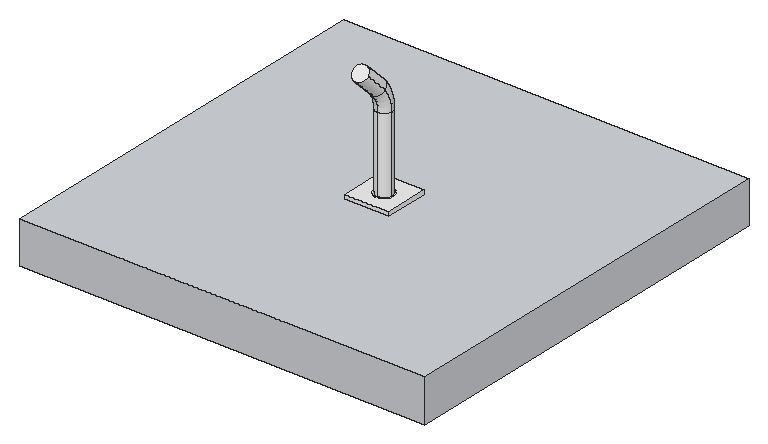
Revit family
Parameters (values of type "Chrome-Polished_Chrome-CP")
  WFU = 0
  URL = "http://www.us.kohler.com/index.jsp"
  Product Page URL = "n/a"
  Product Documentation Link = "n/a"
  Model = "K-14679"  # constant formula
  Manufacturer = "Kohler"  # constant formula
  Hot Water Radius = 3/16"
  Hot Water Diameter = Hot Water Radius * 2  # 3/8"
  Hot Water Connector = "Hot Water Connection"  # constant formula
  HWFU = 0
  HW Connection = yes
  Finish = Chrome-Kohler-CP-Polished_Chrome
  Description = "Loure™ showerarm and flange"  # constant formula
  Default Elevation = 0' - 0"
  Created By = "http://medialab3dstudio.com/"
  Cold Water Radius = 3/16"
  Cold Water Diameter = Cold Water Radius * 2  # 3/8"
  Cold Water Connector = "Cold Water Connection"  # constant formula
  CWFU = 0
  CW Connection = yes
  Assembly Code = "D2010700"
Types (4): name | Finish
  (no name) | Chrome-Kohler-CP-Polished_Chrome
  Chrome-Polished_Chrome-CP | Chrome-Kohler-CP-Polished_Chrome
  Nickel-Vibrant_Brushed_Nickel-BN | Nickel-Kohler-BN-Vibrant_Brushed_Nickel
  Nickel-Vibrant_Polished_Nickel-SN | Nickel-Kohler-SN-Vibrant_Polished_Nickel
Reference planes (in)
  plane 1 "Center (Front/Back)": y = 0
  plane 2 "Back": z = 0
  plane 3 "Center (Left/Right)": x = 0
  plane 4 "Left": x = -1.3125
  plane 5 "Right": x = 1.3125
  plane 6 "Top": y = 1.3125
  plane 7: y = -1.3125
  plane 8: z = 0.25
  plane 9: y = -0.5
  plane 10: z = 6.125
  plane 11: y = -1.75
  plane 12: z = 7.375
  plane 13: x = 0.24139
  plane 14: x = -0.24139
  plane 15: z = 0.10099
  plane 16 "Bottom": y = -2.08116
  plane 17: x = 0.46833
  plane 18: x = -0.46833
  plane 19 "Front": z = 7.70616
  plane 20: x = -0.46833
  plane 21: x = 0.46833
Forms (in)
  Extrusion 1, solid
    sketch origin (0, 0, 0) x (1, 0, 0) y (0, 1, 0)
      loop
        line (-12, 12) -> (-12, -12.22208) -> (12.20691, -12.22208) -> (12.20691, 12) -> (-12, 12)
    from 0 to -2.55881
  Extrusion 2, solid, material "Chrome-Kohler-CP-Polished_Chrome" <- "Finish"
    sketch origin (0, 0, 0) x (1, 0, 0) y (0, 1, 0)
      loop
        line (-1.3125, 1.3125) -> (-1.3125, -1.3125) -> (1.3125, -1.3125) -> (1.3125, 1.3125) -> (-1.3125, 1.3125)
    from 0 to 0.25
  Extrusion 3, void
    sketch origin (0, 0, 0) x (1, 0, 0) y (0, 1, 0)
      loop
        arc (-0.5, 0) -> (-0.35355, -0.35355) -> (0, -0.5) r 0.5
        arc (0, -0.5) -> (0.35355, -0.35355) -> (0.5, 0) r 0.5
        arc (0.5, 0) -> (0.35355, 0.35355) -> (0, 0.5) r 0.5
        arc (0, 0.5) -> (-0.35355, 0.35355) -> (-0.5, 0) r 0.5
    from 0 to 0.25
  Sweep 4, void
    path origin (0, 0, 0) x (1, 0, 0) y (0, 1, 0)
      loop
        circle (0, 0) r 0.5
    profile origin (0, 0.5, 0) x (0, -1, 0) y (0, 0, 1)
      loop
        line (0, 0.25) -> (-0.0625, 0.25)
        arc (-0.0625, 0.25) -> (-0.01831, 0.23169) -> (0, 0.1875) r 0.0625
        line (0, 0.1875) -> (0, 0.25)
  Sweep 5, solid, material "Chrome-Kohler-CP-Polished_Chrome" <- "Finish"
    path origin (0, 0, 0) x (0, 1, 0) y (0, 0, 1)
      loop
        line (0, 0) -> (0, 4.75)
        arc (0, 4.75) -> (-0.12888, 5.48154) -> (-0.5, 6.125) r 2.14063
        line (-0.5, 6.125) -> (-1.75, 7.375)
    profile origin (0, 0, 2.375) x (0, -1, 0) y (1, 0, 0)
      loop
        arc (0, -0.46833) -> (0.33116, -0.33116) -> (0.46833, 0) r 0.46833
        arc (0.46833, 0) -> (0.33116, 0.33116) -> (0, 0.46833) r 0.46833
        arc (0, 0.46833) -> (-0.33116, 0.33116) -> (-0.46833, 0) r 0.46833
        arc (-0.46833, 0) -> (-0.33116, -0.33116) -> (0, -0.46833) r 0.46833
  Extrusion 6, void
    sketch origin (0, 0, 0) x (1, 0, 0) y (0, 1, 0)
      loop
        arc (0.05389, 0) -> (0.10881, -0.13258) -> (0.24139, -0.1875) r 0.1875
        arc (0.24139, -0.1875) -> (0.37397, -0.13258) -> (0.42889, 0) r 0.1875
        arc (0.42889, 0) -> (0.37397, 0.13258) -> (0.24139, 0.1875) r 0.1875
        arc (0.24139, 0.1875) -> (0.10881, 0.13258) -> (0.05389, 0) r 0.1875
      loop
        arc (-0.24139, 0.1875) -> (-0.37397, 0.13258) -> (-0.42889, 0) r 0.1875
        arc (-0.42889, 0) -> (-0.37397, -0.13258) -> (-0.24139, -0.1875) r 0.1875
        arc (-0.24139, -0.1875) -> (-0.10881, -0.13258) -> (-0.05389, 0) r 0.1875
        arc (-0.05389, 0) -> (-0.10881, 0.13258) -> (-0.24139, 0.1875) r 0.1875
    from 0 to 0.10099
Cuts and joins
  Extrusion 3, Sweep 4 cuts Extrusion 2
  Extrusion 6 cuts Sweep 5
Lines and regions (in)
  Masking region 1, detail levels coarse
    outline origin (0, 0, 0) x (1, 0, 0) y (0, 1, 0)
      loop
        line (-1.3125, 1.3125) -> (-1.3125, -2.08116) -> (1.3125, -2.08116) -> (1.3125, 1.3125) -> (-1.3125, 1.3125)
  Masking region 2, detail levels medium+fine
    outline origin (0, 0, 0) x (1, 0, 0) y (0, 1, 0)
      loop
        line (1.3125, 1.3125) -> (-1.3125, 1.3125) -> (-1.3125, -1.3125) -> (-0.46832, -1.3125) -> (-0.46832, -1.75)
        spline (-0.46832, -1.75) -> (-0.46431, -1.79316) -> (-0.45236, -1.83558) -> (-0.43267, -1.87654) -> (-0.40557, -1.91533) -> (-0.37154, -1.9513) -> (-0.33115, -1.98382) -> (-0.28509, -2.01234) -> (-0.23416, -2.03637) -> (-0.17922, -2.0555) -> (-0.12121, -2.0694) -> (-0.06112, -2.07784) -> (0, -2.08067)
        spline (0, -2.08067) -> (0.06119, -2.07784) -> (0.12133, -2.0694) -> (0.17939, -2.05549) -> (0.23437, -2.03635) -> (0.28534, -2.01231) -> (0.33141, -1.98379) -> (0.3718, -1.95126) -> (0.40582, -1.91529) -> (0.43288, -1.8765) -> (0.45252, -1.83555) -> (0.4644, -1.79314) -> (0.46832, -1.75)
        line (0.46832, -1.75) -> (0.46832, -1.3125) -> (1.3125, -1.3125) -> (1.3125, 1.3125)
  Masking region 3, detail levels coarse
    outline origin (0, 0, 0) x (1, 0, 0) y (0, 0, 1)
      loop
        line (-1.3125, 7.70616) -> (-1.3125, 0) -> (1.3125, 0) -> (1.3125, 7.70616) -> (-1.3125, 7.70616)
  Masking region 4, detail levels medium+fine
    outline origin (0, 0, 0) x (1, 0, 0) y (0, 0, 1)
      loop
        line (-0.46833, 0.25) -> (-1.3125, 0.25) -> (-1.3125, 0) -> (1.3125, 0) -> (1.3125, 0.25) -> (0.46833, 0.25) -> (0.46833, 7.375)
        spline (0.46833, 7.375) -> (0.46432, 7.41822) -> (0.45237, 7.46071) -> (0.43268, 7.50173) -> (0.40558, 7.54058) -> (0.37155, 7.5766) -> (0.33116, 7.60916) -> (0.2851, 7.63773) -> (0.23416, 7.66179) -> (0.17922, 7.68095) -> (0.12121, 7.69487) -> (0.06113, 7.70333) -> (0, 7.70616)
        spline (0, 7.70616) -> (-0.06113, 7.70333) -> (-0.12121, 7.69487) -> (-0.17922, 7.68095) -> (-0.23416, 7.66179) -> (-0.2851, 7.63773) -> (-0.33116, 7.60916) -> (-0.37155, 7.5766) -> (-0.40558, 7.54058) -> (-0.43268, 7.50173) -> (-0.45237, 7.46071) -> (-0.46432, 7.41822) -> (-0.46833, 7.375)
        line (-0.46833, 7.375) -> (-0.46833, 0.25)
  Masking region 5, detail levels coarse
    outline origin (0, 0, 0) x (0, 1, 0) y (0, 0, 1)
      loop
        line (1.3125, 7.70616) -> (-2.08116, 7.70616) -> (-2.08116, 0) -> (1.3125, 0) -> (1.3125, 7.70616)
  Masking region 6, detail levels medium+fine
    outline origin (0, 0, 0) x (0, 1, 0) y (0, 0, 1)
      loop
        line (1.3125, 0.25) -> (0.46565, 0.25) -> (0.46565, 4.73707)
        arc (0.46565, 4.73707) -> (0.34434, 5.6585) -> (-0.15501, 6.44232) r 2.14696
        line (-0.15501, 6.44232) -> (-1.41884, 7.70616) -> (-2.08118, 7.04382) -> (-0.84663, 5.80928)
        arc (-0.84663, 5.80928) -> (-0.56574, 5.3124) -> (-0.46833, 4.75) r 1.67218
        line (-0.46833, 4.75) -> (-0.46833, 0.25) -> (-1.3125, 0.25) -> (-1.3125, 0) -> (1.3125, 0) -> (1.3125, 0.25)
  symbolic lines, style "Masking Lines", detail levels fine
    curve 1: arc (-0.46833, 0, 0) -> (-0.33116, 0.33116, 0) -> (0, 0.46833, 0) r 0.46833
    curve 2: arc (0, 0.46833, 0) -> (0.33116, 0.33116, 0) -> (0.46833, 0, 0) r 0.46833
    curve 3: line (-0.46833, 0, 0) -> (-0.46833, -1.3125, 0)
    curve 4: line (0.46833, 0, 0) -> (0.46833, -1.3125, 0)
    curve 5: arc (-0.46833, -0.17512, 0) -> (0, 0.5, 0) -> (0.46833, -0.17512, 0) r 0.5
    curve 6: spline (-0.46833, -2.08116, 7.375) -> (-0.46432, -2.08116, 7.33178) -> (-0.45237, -2.08116, 7.28929) -> (-0.43268, -2.08116, 7.24827) -> (-0.40558, -2.08116, 7.20942) -> (-0.37155, -2.08116, 7.1734) -> (-0.33116, -2.08116, 7.14084) -> (-0.2851, -2.08116, 7.11227) -> (-0.23416, -2.08116, 7.08821) -> (-0.17922, -2.08116, 7.06905) -> (-0.12121, -2.08116, 7.05513) -> (-0.06113, -2.08116, 7.04667) -> (0, -2.08116, 7.04384)
    curve 7: spline (0, -2.08116, 7.04384) -> (0.06113, -2.08116, 7.04667) -> (0.12121, -2.08116, 7.05513) -> (0.17922, -2.08116, 7.06905) -> (0.23416, -2.08116, 7.08821) -> (0.2851, -2.08116, 7.11227) -> (0.33116, -2.08116, 7.14084) -> (0.37155, -2.08116, 7.1734) -> (0.40558, -2.08116, 7.20942) -> (0.43268, -2.08116, 7.24827) -> (0.45237, -2.08116, 7.28929) -> (0.46432, -2.08116, 7.33178) -> (0.46833, -2.08116, 7.375)
    curve 8: line (1.3125, 0, 0.25) -> (-1.3125, 0, 0.25)
    curve 9: line (0, 0.46565, 0.25) -> (0, -0.46833, 0.25)
Dimensions and locks (in)
  plane 18 to plane 3 "Center (Left/Right)" to plane 17 = 0' - 0.46833" locked, 0' - 0.46833" locked
  "Cold Water Radius": radius of Extrusion 6 sketch curve
  "Hot Water Radius": radius of Extrusion 6 sketch curve
  aligned and locked: plane 2 "Back" to Extrusion 1
  aligned and locked: level to Extrusion 1
  aligned and locked: Extrusion 2 sketch curve to plane 6 "Top"
  aligned and locked: plane 4 "Left" to Extrusion 2 sketch curve
  aligned and locked: plane 7 to Extrusion 2 sketch curve
  aligned and locked: Extrusion 2 sketch curve to plane 5 "Right"
  aligned and locked: Extrusion 2 to plane 2 "Back"
  aligned and locked: plane 8 to Extrusion 2
  aligned and locked: plane 3 "Center (Left/Right)" to Extrusion 3 sketch curve  (x2)
  aligned and locked: plane 1 "Center (Front/Back)" to Extrusion 3 sketch curve  (x2)
  aligned and locked: Extrusion 3 to plane 2 "Back"
  aligned and locked: plane 8 to Extrusion 3
  aligned and locked: profile plane to Sweep 5 sketch curve  (x4)
  aligned and locked: plane 13 to Extrusion 6 sketch curve  (x2)
  aligned and locked: plane 1 "Center (Front/Back)" to Extrusion 6 sketch curve  (x4)
  aligned and locked: plane 14 to Extrusion 6 sketch curve  (x2)
  aligned and locked: Extrusion 6 to plane 2 "Back"
  aligned and locked: plane 15 to Extrusion 6
  aligned and locked: Masking region 1 sketch curve to plane 6 "Top"
  aligned and locked: Masking region 1 sketch curve to plane 5 "Right"
  aligned and locked: plane 16 "Bottom" to Masking region 1 sketch curve
  aligned and locked: plane 4 "Left" to Masking region 1 sketch curve
  aligned and locked: Masking region 2 sketch curve to plane 7
  aligned and locked: plane 5 "Right" to Masking region 2 sketch curve
  aligned and locked: plane 6 "Top" to Masking region 2 sketch curve
  aligned and locked: Masking region 2 sketch curve to plane 4 "Left"
  aligned and locked: plane 7 to Masking region 2 sketch curve
  aligned and locked: plane 11 to Masking region 2 sketch curve  (x2)
  aligned and locked: plane 17 to cut or joined group of Sweep 5, Extrusion 6
  aligned and locked: plane 18 to cut or joined group of Sweep 5, Extrusion 6
  aligned and locked: curve 1 to cut or joined group of Sweep 5, Extrusion 6
  aligned and locked: curve 2 to cut or joined group of Sweep 5, Extrusion 6
  aligned and locked: Masking region 3 sketch curve to plane 19 "Front"
  aligned and locked: Masking region 3 sketch curve to plane 5 "Right"
  aligned and locked: plane 4 "Left" to Masking region 3 sketch curve
  aligned and locked: plane 2 "Back" to Masking region 3 sketch curve
  aligned and locked: cut or joined group of Extrusion 2, Extrusion 3, Sweep 4 to Masking region 4 sketch curve
  aligned and locked: Masking region 4 sketch curve to cut or joined group of Extrusion 2, Extrusion 3, Sweep 4  (x3)
  aligned and locked: Masking region 4 sketch curve to plane 8
  aligned and locked: plane 20 to Masking region 4 sketch curve  (x2)
  aligned and locked: Masking region 4 sketch curve to plane 21
  aligned and locked: plane 12 to Masking region 4 sketch curve  (x2)
  aligned and locked: plane 3 "Center (Left/Right)" to Masking region 4 sketch curve
  aligned and locked: plane 19 "Front" to Masking region 4 sketch curve
  aligned and locked: plane 21 to Masking region 4 sketch curve
  aligned and locked: curve 8 to cut or joined group of Extrusion 2, Extrusion 3, Sweep 4
  aligned and locked: Masking region 5 sketch curve to plane 19 "Front"
  aligned and locked: plane 16 "Bottom" to Masking region 5 sketch curve
  aligned and locked: plane 2 "Back" to Masking region 5 sketch curve
  aligned and locked: Masking region 5 sketch curve to plane 6 "Top"
  aligned and locked: Masking region 6 sketch curve to cut or joined group of Extrusion 2, Extrusion 3, Sweep 4  (x4)
Automatic sketch dimensions
  Extrusion 1 sketch curve to Extrusion 1 sketch curve = 2' - 0.20691"
  Extrusion 1 sketch curve to Extrusion 1 sketch curve = 2' - 0.22208"
  Extrusion 3 sketch curve to plane 9 = 0' - 0"
  Sweep 4 sketch curve to Sweep 4 sketch curve = 0' - 0"  (x2)
  plane 1 "Center (Front/Back)" to Sweep 4 sketch curve = 0' - 0"
  Sweep 4 sketch curve to plane 3 "Center (Left/Right)" = 0' - 0"
  Sweep 4 sketch curve to Sweep 4 sketch curve = 0' - 0 1/2"
  Sweep 4 sketch curve to profile plane = 0' - 0"
  profile plane to Sweep 4 sketch curve = 0' - 0 1/16"
  level to Sweep 4 sketch curve = 0' - 0 3/16"
  Sweep 5 sketch curve to plane 11 = 0' - 0"
  Sweep 5 sketch curve to plane 9 = 0' - 0"
  Sweep 5 sketch curve to plane 1 "Center (Front/Back)" = 0' - 0"
  Sweep 5 sketch curve to level = 0' - 0"
  Sweep 5 sketch curve to plane 10 = 0' - 0"
  Sweep 5 sketch curve to plane 12 = 0' - 0"
  Sweep 5 sketch curve to plane 11 = 0' - 0 25/64"
  Sweep 5 sketch curve to Sweep 5 sketch curve = 0' - 0.46833"
  Masking region 2 sketch curve to plane 3 "Center (Left/Right)" = 0' - 0.46832"
  plane 3 "Center (Left/Right)" to Masking region 2 sketch curve = 0' - 0"
  Masking region 2 sketch curve to Masking region 2 sketch curve = 0' - 0"
  Masking region 2 sketch curve to plane 11 = 0' - 0.00052"
  plane 16 "Bottom" to Masking region 2 sketch curve = 0' - 0.00049"
  curve 1 to curve 5 = 0' - 0"  (x2)
  curve 3 to plane 7 = 0' - 0"
  curve 4 to plane 7 = 0' - 0"
  plane 1 "Center (Front/Back)" to curve 5 = 0' - 0.17512"
  curve 8 to plane 4 "Left" = 0' - 0"
  curve 8 to plane 5 "Right" = 0' - 0"
  Masking region 6 sketch curve to plane 19 "Front" = 0' - 0"
  Masking region 6 sketch curve to plane 7 = 0' - 0.10634"
  plane 11 to Masking region 6 sketch curve = 0' - 0.07686"
  Masking region 6 sketch curve to plane 16 "Bottom" = 0' - 0"
  Masking region 6 sketch curve to plane 16 "Bottom" = 0' - 0.05935"
  Masking region 6 sketch curve to plane 9 = 0' - 0.34663"
  plane 9 to Masking region 6 sketch curve = 0' - 0.03167"
  plane 1 "Center (Front/Back)" to Masking region 6 sketch curve = 0' - 0.15501"
  Masking region 6 sketch curve to plane 1 "Center (Front/Back)" = 0' - 0.46565"
  Masking region 6 sketch curve to plane 10 = 0' - 1.38793"
  Masking region 6 sketch curve to Masking region 6 sketch curve = 0' - 0.01293"
  Masking region 6 sketch curve to plane 8 = 0' - 0"
  curve 9 to plane 8 = 0' - 0"
  plane 9 to curve 9 = 0' - 0.03167"
  curve 9 to plane 1 "Center (Front/Back)" = 0' - 0.46565"
  curve 7 to plane 12 = 0' - 0"
  curve 7 to plane 3 "Center (Left/Right)" = 0' - 0"
  plane 3 "Center (Left/Right)" to curve 7 = 0' - 0.46833"
  curve 7 to plane 12 = 0' - 0.33116"
  curve 6 to plane 12 = 0' - 0"
  curve 6 to curve 7 = 0' - 0"
Connectors (in)
  piping at (0.24139, 0, 0), driven by "Cold Water Radius", driven by "CW Connection", driven by "Cold Water Connector", driven by "CWFU"
    settings: on cut or joined group of Sweep 5, Extrusion 6, index 1, connector radius 3/16", flow factor 0, pipe flow 0 GPM, pressure drop 0.00 psi, fitting loss kfactor 0, connector angle 0.00°, fixture units 0, flow configuration 3, flow direction 1, fitting loss method 0, system type 20, connector reference index -1, connector utility 1, adjustable connector no, is connector primary yes, fitting loss table "", connector description "Cold Water Connection"
  piping at (-0.24139, 0, 0), driven by "Hot Water Radius", driven by "HW Connection", driven by "Hot Water Connector", driven by "HWFU"
    settings: on cut or joined group of Sweep 5, Extrusion 6, index 2, connector radius 3/16", flow factor 0, pipe flow 0 GPM, pressure drop 0.00 psi, fitting loss kfactor 0, connector angle 0.00°, fixture units 0, flow configuration 3, flow direction 1, fitting loss method 0, system type 19, connector reference index -1, connector utility 1, adjustable connector no, is connector primary no, fitting loss table "", connector description "Hot Water Connection"
